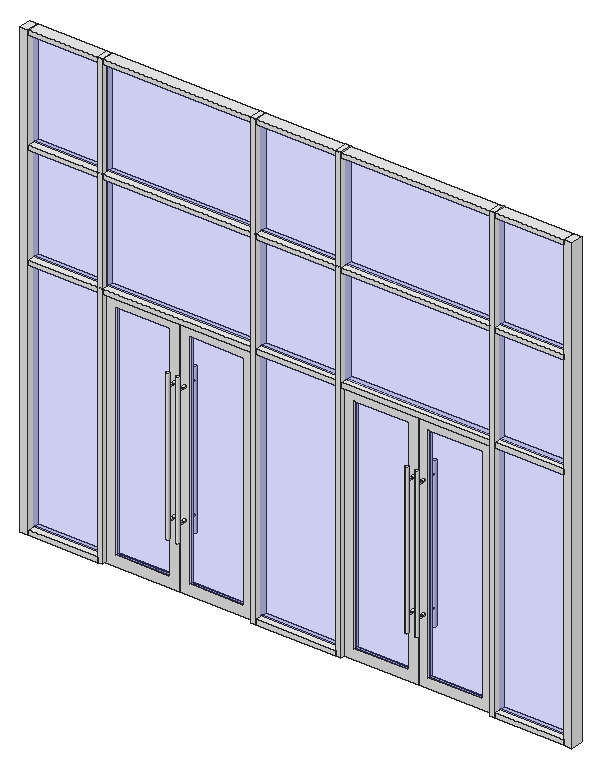
Revit family
Parameters (values of type "방풍실 문1")
  핸들 = 상자 핸들
  프레임 = ""
  2프레임 = 상자 프레임
  모서리 = 상자 모서리
  철물 = ""
  Assembly Code = ""
  유리/마감 = ""
  유리 = 상자 유리
  위치/개소 = ""
  부호 = "2/AD"
  문번호 = "2"
  문기호 = "AD"
Reference planes
  plane 1 "중심(앞/뒤)": y = -217
  plane 2: z = 0
  plane 3 "중심(왼쪽/오른쪽)": x = 96.47
  plane 4: y = 1386
  plane 5: z = 5500
  plane 6: y = -113.847
  plane 7: y = -320.153
  plane 8: x = 3446.47
  plane 9: x = -3253.53
  plane 10: z = 60
  plane 11: z = 2940
  plane 12: z = 3000
  plane 13: z = 4190
  plane 14: z = 4250
  plane 15: z = 5440
  plane 16: z = 2020
  plane 17: z = 1960
  plane 18: x = 3346.47
  plane 19: y = -292
  plane 20: y = -142
  plane 21: y = -229.5
  plane 22: y = -204.5
  plane 23: x = -3153.53
  plane 24: x = 2446.47
  plane 25: x = 646.47
  plane 26: x = -2253.53
  plane 27: x = -453.53
  plane 28: x = 3396.47
  plane 29: z = 980
  plane 30: z = 1040
  plane 31: x = -3203.53
  plane 32: z = 5470
  plane 33: z = 2970
  plane 34: x = -393.951
  plane 35: x = -1353.53
  plane 36: x = -1293.53
  plane 37: x = -1413.53
  plane 38: z = 5800
  plane 39: z = -300
Forms (mm)
  Extrusion 1, solid, material "상자 프레임" <- "2프레임"
    sketch origin (298.47, -1620.377, 0) x (0, -1, 0) y (1, 0, 0)
      loop
        line (-1478.377, 3048) -> (-1328.377, 3048) -> (-1328.377, 3148) -> (-1478.377, 3148) -> (-1478.377, 3048)
      loop
        line (-1478.377, 287.991) -> (-1328.377, 287.991) -> (-1328.377, 348) -> (-1478.377, 348) -> (-1478.377, 287.991)
      loop
        line (-1478.377, 2148) -> (-1328.377, 2148) -> (-1328.377, 2208) -> (-1478.377, 2208) -> (-1478.377, 2148)
    from 0 to 5500
  Extrusion 2, solid, material "상자 프레임" <- "2프레임"
    sketch origin (313.47, -1620.377, 0) x (0, -1, 0) y (1, 0, 0)
      loop
        line (-1478.377, 3033) -> (-1478.377, 2193) -> (-1328.377, 2193) -> (-1328.377, 3033) -> (-1478.377, 3033)
      loop
        line (-1478.377, -707.421) -> (-1328.377, -707.421) -> (-1328.377, 272.991) -> (-1478.377, 272.991) -> (-1478.377, -707.421)
    from 0 to 60
  Extrusion 3, solid, material "상자 프레임" <- "2프레임"
    sketch origin (313.47, -1620.377, 0) x (0, -1, 0) y (1, 0, 0)
      loop
        line (-1478.377, 3033) -> (-1478.377, -3467) -> (-1328.377, -3467) -> (-1328.377, 3033) -> (-1478.377, 3033)
    from 2940 to 3000
  Extrusion 4, solid, material "상자 프레임" <- "2프레임"
    sketch origin (313.47, -1620.377, 0) x (0, -1, 0) y (1, 0, 0)
      loop
        line (-1478.377, 3033) -> (-1478.377, -3467) -> (-1328.377, -3467) -> (-1328.377, 3033) -> (-1478.377, 3033)
    from 4190 to 4250
  Extrusion 5, solid, material "상자 유리" <- "유리"
    sketch origin (313.47, -1620.377, 0) x (0, -1, 0) y (1, 0, 0)
      loop
        line (-1415.877, 2193) -> (-1390.877, 2193) -> (-1390.877, 3033) -> (-1415.877, 3033) -> (-1415.877, 2193)
      loop
        line (-1415.877, -707.421) -> (-1390.877, -707.421) -> (-1390.877, 272.991) -> (-1415.877, 272.991) -> (-1415.877, -707.421)
    from 60 to 2940
  Extrusion 6, solid, material "상자 유리" <- "유리"
    sketch origin (-606.53, -1620.377, 0) x (0, -1, 0) y (1, 0, 0)
      loop
        line (-1415.877, 1253) -> (-1390.877, 1253) -> (-1390.877, 2153.145) -> (-1415.877, 2153.145) -> (-1415.877, 1253)
    from 0 to 2940
  Extrusion 7, solid, material "상자 유리" <- "유리"
    sketch origin (263.615, -1620.377, 0) x (0, -1, 0) y (1, 0, 0)
      loop
        line (-1415.877, 1283) -> (-1390.877, 1283) -> (-1390.877, 2183.145) -> (-1415.877, 2183.145) -> (-1415.877, 1283)
    from 0 to 2940
  Extrusion 8, solid, material "상자 유리" <- "유리"
    sketch origin (313.47, -1620.377, 0) x (0, -1, 0) y (1, 0, 0)
      loop
        line (-1415.877, 2193) -> (-1390.877, 2193) -> (-1390.877, 3033) -> (-1415.877, 3033) -> (-1415.877, 2193)
      loop
        line (-1415.877, 333) -> (-1390.877, 333) -> (-1390.877, 2133) -> (-1415.877, 2133) -> (-1415.877, 333)
      loop
        line (-1415.877, -707.421) -> (-1390.877, -707.421) -> (-1390.877, 272.991) -> (-1415.877, 272.991) -> (-1415.877, -707.421)
    from 3000 to 4190
  Extrusion 9, solid, material "상자 핸들" <- "핸들"
    sketch origin (4139.284, -292, 34.492) x (-1, 0, 0) y (0, 0, -1)
      loop
        circle (2527.69, -760.508) r 15
    from -47.5 to 0
  Extrusion 10, solid, material "상자 핸들" <- "핸들"
    sketch origin (4017.595, -292, 34.492) x (-1, 0, 0) y (0, 0, -1)
      loop
        circle (2527.69, -760.508) r 15
    from -47.5 to 0
  Sweep 11, solid, material "상자 모서리" <- "모서리"
    path origin (1768.47, -229.5, 0) x (1, 0, 0) y (0, 0, 1)
      loop
        line (-1122, 0) -> (-221.855, 0) -> (-221.855, 2940) -> (-1122, 2940) -> (-1122, 0)
    profile origin (646.47, -229.5, 1470) x (-1, 0, 0) y (0, -1, 0)
      loop
        line (0, 0) -> (0, 15) -> (-120, 15) -> (-120, 0) -> (0, 0)
  Sweep 12, solid, material "상자 모서리" <- "모서리"
    path origin (863.47, -189.5, 0) x (1, 0, 0) y (0, 0, 1)
      loop
        line (-217, 0) -> (683.145, 0) -> (683.145, 2940) -> (-217, 2940) -> (-217, 0)
    profile origin (646.47, -189.5, 1470) x (-1, 0, 0) y (0, -1, 0)
      loop
        line (0, 0) -> (0, 15) -> (-120, 15) -> (-120, 0) -> (0, 0)
  Sweep 13, solid, material "상자 모서리" <- "모서리"
    path origin (1763.615, -189.5, 0) x (1, 0, 0) y (0, 0, 1)
      loop
        line (-217, 0) -> (683.145, 0) -> (683.145, 2940) -> (-217, 2940) -> (-217, 0)
    profile origin (1546.615, -189.5, 1470) x (-1, 0, 0) y (0, -1, 0)
      loop
        line (0, 0) -> (0, 15) -> (-120, 15) -> (-120, 0) -> (0, 0)
  Sweep 14, solid, material "상자 모서리" <- "모서리"
    path origin (1763.615, -229.5, 0) x (1, 0, 0) y (0, 0, 1)
      loop
        line (-217, 0) -> (683.145, 0) -> (683.145, 2940) -> (-217, 2940) -> (-217, 0)
    profile origin (1546.615, -229.5, 1470) x (-1, 0, 0) y (0, -1, 0)
      loop
        line (0, 0) -> (0, 15) -> (-120, 15) -> (-120, 0) -> (0, 0)
  Blend 15, solid, material "상자 핸들" <- "핸들"
    base sketch origin (4045.905, -292, -1440) x (-1, 0, 0) y (0, 0, -1)
      loop
        circle (2556, -2235) r 15
    top sketch origin (4045.905, -292, -1440) x (-1, 0, 0) y (0, 0, -1)
      loop
        circle (2556, -2235) r 10
    from 0 to 40
  Blend 16, solid, material "상자 핸들" <- "핸들"
    base sketch origin (4167.595, -292, -1440) x (-1, 0, 0) y (0, 0, -1)
      loop
        circle (2556, -2235) r 15
    top sketch origin (4167.595, -292, -1440) x (-1, 0, 0) y (0, 0, -1)
      loop
        circle (2556, -2235) r 10
    from 0 to 40
  Extrusion 17, solid, material "상자 핸들" <- "핸들"
    sketch origin (5139.284, -142, 1474.492) x (-1, 0, 0) y (0, 0, 1)
      loop
        circle (3527.69, 780.508) r 15
    from -47.5 to 0
  Extrusion 18, solid, material "상자 핸들" <- "핸들"
    sketch origin (5017.595, -142, 1474.492) x (-1, 0, 0) y (0, 0, 1)
      loop
        circle (3527.69, 780.508) r 15
    from -47.5 to 0
  Blend 19, solid, material "상자 핸들" <- "핸들"
    base sketch origin (5167.595, -142, 0) x (-1, 0, 0) y (0, 0, 1)
      loop
        circle (3556, 2255) r 15
    top sketch origin (5167.595, -142, 0) x (-1, 0, 0) y (0, 0, 1)
      loop
        circle (3556, 2255) r 10
    from 0 to 40
  Blend 20, solid, material "상자 핸들" <- "핸들"
    base sketch origin (5045.905, -142, 0) x (-1, 0, 0) y (0, 0, 1)
      loop
        circle (3556, 2255) r 15
    top sketch origin (5045.905, -142, 0) x (-1, 0, 0) y (0, 0, 1)
      loop
        circle (3556, 2255) r 10
    from 0 to 40
  Extrusion 21, solid, material "상자 핸들" <- "핸들"
    sketch origin (5139.284, -142, 34.492) x (-1, 0, 0) y (0, 0, 1)
      loop
        circle (3527.69, 760.508) r 15
    from -47.5 to 0
  Extrusion 22, solid, material "상자 핸들" <- "핸들"
    sketch origin (5017.595, -142, 34.492) x (-1, 0, 0) y (0, 0, 1)
      loop
        circle (3527.69, 760.508) r 15
    from -47.5 to 0
  Blend 23, solid, material "상자 핸들" <- "핸들"
    base sketch origin (5045.905, -142, -1440) x (-1, 0, 0) y (0, 0, 1)
      loop
        circle (3556, 2235) r 15
    top sketch origin (5045.905, -142, -1440) x (-1, 0, 0) y (0, 0, 1)
      loop
        circle (3556, 2235) r 10
    from 0 to 40
  Blend 24, solid, material "상자 핸들" <- "핸들"
    base sketch origin (5167.595, -142, -1440) x (-1, 0, 0) y (0, 0, 1)
      loop
        circle (3556, 2235) r 15
    top sketch origin (5167.595, -142, -1440) x (-1, 0, 0) y (0, 0, 1)
      loop
        circle (3556, 2235) r 10
    from 0 to 40
  Extrusion 25, solid, material "상자 프레임" <- "2프레임"
    sketch origin (328.47, -1620.377, 0) x (0, -1, 0) y (1, 0, 0)
      loop
        line (-1478.377, -3482) -> (-1478.377, -3582) -> (-1328.377, -3582) -> (-1328.377, -3482) -> (-1478.377, -3482)
      loop
        line (-1478.377, -2582) -> (-1478.377, -2642) -> (-1328.377, -2642) -> (-1328.377, -2582) -> (-1478.377, -2582)
      loop
        line (-1478.377, -722.421) -> (-1478.377, -782) -> (-1328.377, -782) -> (-1328.377, -722.421) -> (-1478.377, -722.421)
    from 0 to 5500
  Extrusion 26, solid, material "상자 프레임" <- "2프레임"
    sketch origin (313.47, -1620.377, 0) x (0, -1, 0) y (1, 0, 0)
      loop
        line (-1478.377, -3467) -> (-1328.377, -3467) -> (-1328.377, -2627) -> (-1478.377, -2627) -> (-1478.377, -3467)
    from 0 to 60
  Extrusion 27, solid, material "상자 유리" <- "유리"
    sketch origin (313.47, -1620.377, 0) x (0, -1, 0) y (1, 0, 0)
      loop
        line (-1415.877, -2627) -> (-1415.877, -3467) -> (-1390.877, -3467) -> (-1390.877, -2627) -> (-1415.877, -2627)
    from 60 to 2940
  Extrusion 28, solid, material "상자 유리" <- "유리"
    sketch origin (833.765, -1620.377, 0) x (0, -1, 0) y (1, 0, 0)
      loop
        line (-1415.877, -1287) -> (-1415.877, -2187.295) -> (-1390.877, -2187.295) -> (-1390.877, -1287) -> (-1415.877, -1287)
    from 0 to 2940
  Extrusion 29, solid, material "상자 유리" <- "유리"
    sketch origin (-36.38, -1620.377, 0) x (0, -1, 0) y (1, 0, 0)
      loop
        line (-1415.877, -1317.15) -> (-1415.877, -2217.145) -> (-1390.877, -2217.145) -> (-1390.877, -1317.15) -> (-1415.877, -1317.15)
    from 0 to 2940
  Extrusion 30, solid, material "상자 유리" <- "유리"
    sketch origin (313.47, -1620.377, 0) x (0, -1, 0) y (1, 0, 0)
      loop
        line (-1415.877, -2627) -> (-1415.877, -3467) -> (-1390.877, -3467) -> (-1390.877, -2627) -> (-1415.877, -2627)
      loop
        line (-1415.877, -766.705) -> (-1415.877, -2566.995) -> (-1390.877, -2566.995) -> (-1390.877, -766.705) -> (-1415.877, -766.705)
    from 3000 to 4190
  Extrusion 31, solid, material "상자 핸들" <- "핸들"
    sketch origin (-5098.22, -292, -34.492) x (1, 0, 0) y (0, 0, 1)
      loop
        circle (3683.54, 829.492) r 15
    from -47.5 to 0
  Extrusion 32, solid, material "상자 핸들" <- "핸들"
    sketch origin (-5098.22, -292, -1474.492) x (1, 0, 0) y (0, 0, 1)
      loop
        circle (3683.54, 3729.492) r 15
    from -47.5 to 0
  Extrusion 33, solid, material "상자 핸들" <- "핸들"
    sketch origin (-4976.53, -292, -34.492) x (1, 0, 0) y (0, 0, 1)
      loop
        circle (3683.055, 829.492) r 15
    from -47.5 to 0
  Extrusion 34, solid, material "상자 핸들" <- "핸들"
    sketch origin (-4976.53, -292, -1474.492) x (1, 0, 0) y (0, 0, 1)
      loop
        circle (3683.055, 3729.492) r 15
    from -47.5 to 0
  Sweep 35, solid, material "상자 모서리" <- "모서리"
    path origin (-85.94, -229.5, 0) x (-1, 0, 0) y (0, 0, -1)
      loop
        line (367.295, 0) -> (367.295, -2940) -> (1267.59, -2940) -> (1267.59, 0) -> (367.295, 0)
    profile origin (-453.235, -229.5, 1470) x (-1, 0, 0) y (0, -1, 0)
      loop
        line (0, 0) -> (120, 0) -> (120, 15) -> (0, 15) -> (0, 0)
  Sweep 36, solid, material "상자 모서리" <- "모서리"
    path origin (-636.235, -189.5, 0) x (-1, 0, 0) y (0, 0, -1)
      loop
        line (-183, 0) -> (-183, -2940) -> (717.295, -2940) -> (717.295, 0) -> (-183, 0)
    profile origin (-453.235, -189.5, 1470) x (-1, 0, 0) y (0, -1, 0)
      loop
        line (0, 0) -> (120, 0) -> (120, 15) -> (0, 15) -> (0, 0)
  Sweep 37, solid, material "상자 모서리" <- "모서리"
    path origin (-1536.38, -189.5, 0) x (-1, 0, 0) y (0, 0, -1)
      loop
        line (-182.85, 0) -> (-182.85, -2940) -> (717.145, -2940) -> (717.145, 0) -> (-182.85, 0)
    profile origin (-1353.53, -189.5, 1470) x (-1, 0, 0) y (0, -1, 0)
      loop
        line (0, 0) -> (120, 0) -> (120, 15) -> (0, 15) -> (0, 0)
  Sweep 38, solid, material "상자 모서리" <- "모서리"
    path origin (-1536.38, -229.5, 0) x (-1, 0, 0) y (0, 0, -1)
      loop
        line (-182.85, 0) -> (-182.85, -2940) -> (717.145, -2940) -> (717.145, 0) -> (-182.85, 0)
    profile origin (-1353.53, -229.5, 1470) x (-1, 0, 0) y (0, -1, 0)
      loop
        line (0, 0) -> (120, 0) -> (120, 15) -> (0, 15) -> (0, 0)
  Blend 39, solid, material "상자 핸들" <- "핸들"
    base sketch origin (-5126.53, -292, 0) x (1, 0, 0) y (0, 0, 1)
      loop
        circle (3711.85, 2255) r 15
    top sketch origin (-5126.53, -292, 0) x (1, 0, 0) y (0, 0, 1)
      loop
        circle (3711.85, 2255) r 10
    from 0 to 40
  Blend 40, solid, material "상자 핸들" <- "핸들"
    base sketch origin (-5004.84, -292, 0) x (1, 0, 0) y (0, 0, 1)
      loop
        circle (3711.366, 2255) r 15
    top sketch origin (-5004.84, -292, 0) x (1, 0, 0) y (0, 0, 1)
      loop
        circle (3711.366, 2255) r 10
    from 0 to 40
  Blend 41, solid, material "상자 핸들" <- "핸들"
    base sketch origin (-5004.84, -292, 1440) x (1, 0, 0) y (0, 0, 1)
      loop
        circle (3711.366, -645) r 15
    top sketch origin (-5004.84, -292, 1440) x (1, 0, 0) y (0, 0, 1)
      loop
        circle (3711.366, -645) r 10
    from 0 to 40
  Blend 42, solid, material "상자 핸들" <- "핸들"
    base sketch origin (-5126.53, -292, 1440) x (1, 0, 0) y (0, 0, 1)
      loop
        circle (3711.85, -645) r 15
    top sketch origin (-5126.53, -292, 1440) x (1, 0, 0) y (0, 0, 1)
      loop
        circle (3711.85, -645) r 10
    from 0 to 40
  Extrusion 43, solid, material "상자 핸들" <- "핸들"
    sketch origin (-4698.22, -142, 1474.492) x (1, 0, 0) y (0, 0, -1)
      loop
        circle (3283.54, -780.508) r 15
    from -47.5 to 0
  Extrusion 44, solid, material "상자 핸들" <- "핸들"
    sketch origin (-4576.53, -142, 1474.492) x (1, 0, 0) y (0, 0, -1)
      loop
        circle (3283.055, -780.508) r 15
    from -47.5 to 0
  Blend 45, solid, material "상자 핸들" <- "핸들"
    base sketch origin (-4726.53, -142, 0) x (1, 0, 0) y (0, 0, -1)
      loop
        circle (3311.85, -2255) r 15
    top sketch origin (-4726.53, -142, 0) x (1, 0, 0) y (0, 0, -1)
      loop
        circle (3311.85, -2255) r 10
    from 0 to 40
  Blend 46, solid, material "상자 핸들" <- "핸들"
    base sketch origin (-4604.84, -142, 0) x (1, 0, 0) y (0, 0, -1)
      loop
        circle (3311.366, -2255) r 15
    top sketch origin (-4604.84, -142, 0) x (1, 0, 0) y (0, 0, -1)
      loop
        circle (3311.366, -2255) r 10
    from 0 to 40
  Extrusion 47, solid, material "상자 핸들" <- "핸들"
    sketch origin (-4698.22, -142, 34.492) x (1, 0, 0) y (0, 0, -1)
      loop
        circle (3283.54, -760.508) r 15
    from -47.5 to 0
  Extrusion 48, solid, material "상자 핸들" <- "핸들"
    sketch origin (-4576.53, -142, 34.492) x (1, 0, 0) y (0, 0, -1)
      loop
        circle (3283.055, -760.508) r 15
    from -47.5 to 0
  Blend 49, solid, material "상자 핸들" <- "핸들"
    base sketch origin (-4604.84, -142, -1440) x (1, 0, 0) y (0, 0, -1)
      loop
        circle (3311.366, -2235) r 15
    top sketch origin (-4604.84, -142, -1440) x (1, 0, 0) y (0, 0, -1)
      loop
        circle (3311.366, -2235) r 10
    from 0 to 40
  Blend 50, solid, material "상자 핸들" <- "핸들"
    base sketch origin (-4726.53, -142, -1440) x (1, 0, 0) y (0, 0, -1)
      loop
        circle (3311.85, -2235) r 15
    top sketch origin (-4726.53, -142, -1440) x (1, 0, 0) y (0, 0, -1)
      loop
        circle (3311.85, -2235) r 10
    from 0 to 40
  Extrusion 51, solid, material "상자 핸들" <- "핸들"
    sketch origin (5139.284, -292, 1474.492) x (-1, 0, 0) y (0, 0, -1)
      loop
        circle (3527.69, -780.508) r 15
    from -47.5 to 0
  Extrusion 52, solid, material "상자 핸들" <- "핸들"
    sketch origin (5017.595, -292, 1474.492) x (-1, 0, 0) y (0, 0, -1)
      loop
        circle (3527.69, -780.508) r 15
    from -47.5 to 0
  Blend 53, solid, material "상자 핸들" <- "핸들"
    base sketch origin (5167.595, -292, 0) x (-1, 0, 0) y (0, 0, -1)
      loop
        circle (3556, -2255) r 15
    top sketch origin (5167.595, -292, 0) x (-1, 0, 0) y (0, 0, -1)
      loop
        circle (3556, -2255) r 10
    from 0 to 40
  Blend 54, solid, material "상자 핸들" <- "핸들"
    base sketch origin (5045.905, -292, 0) x (-1, 0, 0) y (0, 0, -1)
      loop
        circle (3556, -2255) r 15
    top sketch origin (5045.905, -292, 0) x (-1, 0, 0) y (0, 0, -1)
      loop
        circle (3556, -2255) r 10
    from 0 to 40
  Extrusion 55, solid, material "상자 핸들" <- "핸들"
    sketch origin (313.47, -120.53, 0) x (0, -1, 0) y (1, 0, 0)
      loop
        circle (229.022, 1298.467) r 20
    from 600.009 to 2399.769
  Extrusion 56, solid, material "상자 핸들" <- "핸들"
    sketch origin (313.47, -313.47, 0) x (0, 1, 0) y (-1, 0, 0)
      loop
        circle (229.022, -1298.467) r 20
    from 600.009 to 2399.769
  Extrusion 57, solid, material "상자 핸들" <- "핸들"
    sketch origin (2788.51, -120.53, 0) x (0, -1, 0) y (1, 0, 0)
      loop
        circle (229.022, -1298.467) r 20
    from 600.009 to 2399.769
  Extrusion 58, solid, material "상자 핸들" <- "핸들"
    sketch origin (2788.51, -313.47, 0) x (0, 1, 0) y (-1, 0, 0)
      loop
        circle (229.022, 1298.467) r 20
    from 600.009 to 2399.769
  Extrusion 59, solid, material "상자 핸들" <- "핸들"
    sketch origin (-118.03, -120.53, 0) x (0, -1, 0) y (1, 0, 0)
      loop
        circle (229.022, -1298.467) r 20
    from 600.009 to 2399.769
  Extrusion 60, solid, material "상자 핸들" <- "핸들"
    sketch origin (-118.03, -313.47, 0) x (0, 1, 0) y (-1, 0, 0)
      loop
        circle (229.022, 1298.467) r 20
    from 600.009 to 2399.769
  Extrusion 61, solid, material "상자 핸들" <- "핸들"
    sketch origin (-2593.069, -120.53, 0) x (0, -1, 0) y (1, 0, 0)
      loop
        circle (229.022, 1298.467) r 20
    from 600.009 to 2399.769
  Extrusion 62, solid, material "상자 핸들" <- "핸들"
    sketch origin (-2593.069, -313.47, 0) x (0, 1, 0) y (-1, 0, 0)
      loop
        circle (229.022, -1298.467) r 20
    from 600.009 to 2399.769
  Extrusion 63, solid, material "상자 프레임" <- "2프레임"
    sketch origin (313.47, -1620.377, 1205) x (0, -1, 0) y (1, 0, 0)
      loop
        line (-1478.377, 3033) -> (-1478.377, -3467) -> (-1328.377, -3467) -> (-1328.377, 3033) -> (-1478.377, 3033)
    from 4235 to 4295
  Extrusion 64, solid, material "상자 유리" <- "유리"
    sketch origin (313.47, -1620.377, 1295) x (0, -1, 0) y (1, 0, 0)
      loop
        line (-1415.877, -2627) -> (-1415.877, -3467) -> (-1390.877, -3467) -> (-1390.877, -2627) -> (-1415.877, -2627)
      loop
        line (-1415.877, -766.705) -> (-1415.877, -2566.995) -> (-1390.877, -2566.995) -> (-1390.877, -766.705) -> (-1415.877, -766.705)
    from 2955 to 4145
  Extrusion 65, solid, material "상자 유리" <- "유리"
    sketch origin (313.47, -1620.377, 1295) x (0, -1, 0) y (1, 0, 0)
      loop
        line (-1415.877, 2193) -> (-1390.877, 2193) -> (-1390.877, 3033) -> (-1415.877, 3033) -> (-1415.877, 2193)
      loop
        line (-1415.877, 333) -> (-1390.877, 333) -> (-1390.877, 2133) -> (-1415.877, 2133) -> (-1415.877, 333)
      loop
        line (-1415.877, -707.421) -> (-1390.877, -707.421) -> (-1390.877, 272.991) -> (-1415.877, 272.991) -> (-1415.877, -707.421)
    from 2955 to 4145
Cuts and joins
  joined: Extrusion 10, Blend 15
  joined: Extrusion 1, Extrusion 25
Lines and regions (mm)
  symbolic lines
    curve 1: line (2446.76, -286.229, 0) -> (2446.76, 710.5, 0)
    curve 2: line (2391.76, -224.9, 0) -> (2391.76, 710.5, 0)
    curve 3: line (2446.76, 710.5, 0) -> (2391.76, 710.5, 0)
    curve 4: arc (2391.76, 710.5, 0) -> (1787.194, 431.401, 0) -> (1546.615, -189.5, 0) r 888.01
    curve 5: line (646.47, -189.5, 0) -> (646.47, 710.5, 0)
    curve 6: line (701.47, -189.5, 0) -> (701.47, 710.5, 0)
    curve 7: line (646.47, 710.5, 0) -> (701.47, 710.5, 0)
    curve 8: arc (701.47, 710.5, 0) -> (1306.036, 431.401, 0) -> (1546.615, -189.5, 0) r 888.01
    curve 9: line (2446.76, -286.229, 0) -> (2446.76, -1144.5, 0)
    curve 10: line (2391.76, -224.9, 0) -> (2391.76, -1144.5, 0)
    curve 11: line (2446.76, -1144.5, 0) -> (2391.76, -1144.5, 0)
    curve 12: arc (2391.76, -1144.5, 0) -> (1787.194, -865.401, 0) -> (1546.615, -244.5, 0) r 888.01
    curve 13: line (646.47, -244.5, 0) -> (646.47, -1144.5, 0)
    curve 14: line (701.47, -244.5, 0) -> (701.47, -1144.5, 0)
    curve 15: line (646.47, -1144.5, 0) -> (701.47, -1144.5, 0)
    curve 16: arc (701.47, -1144.5, 0) -> (1306.036, -865.401, 0) -> (1546.615, -244.5, 0) r 888.01
    curve 17: line (-2253.819, -189.5, 0) -> (-2253.819, 710.5, 0)
    curve 18: line (-2198.819, -189.5, 0) -> (-2198.819, 710.5, 0)
    curve 19: line (-2253.819, 710.5, 0) -> (-2198.819, 710.5, 0)
    curve 20: arc (-2198.819, 710.5, 0) -> (-1594.254, 431.401, 0) -> (-1353.675, -189.5, 0) r 888.01
    curve 21: line (-453.53, -189.5, 0) -> (-453.53, 710.5, 0)
    curve 22: line (-508.53, -189.5, 0) -> (-508.53, 710.5, 0)
    curve 23: line (-453.53, 710.5, 0) -> (-508.53, 710.5, 0)
    curve 24: arc (-508.53, 710.5, 0) -> (-1113.096, 431.401, 0) -> (-1353.675, -189.5, 0) r 888.01
    curve 25: line (-2253.819, -244.5, 0) -> (-2253.819, -1144.5, 0)
    curve 26: line (-2198.819, -244.5, 0) -> (-2198.819, -1144.5, 0)
    curve 27: line (-2253.819, -1144.5, 0) -> (-2198.819, -1144.5, 0)
    curve 28: arc (-2198.819, -1144.5, 0) -> (-1594.254, -865.401, 0) -> (-1353.675, -244.5, 0) r 888.01
    curve 29: line (-453.53, -244.5, 0) -> (-453.53, -1144.5, 0)
    curve 30: line (-508.53, -244.5, 0) -> (-508.53, -1144.5, 0)
    curve 31: line (-453.53, -1144.5, 0) -> (-508.53, -1144.5, 0)
    curve 32: arc (-508.53, -1144.5, 0) -> (-1113.096, -865.401, 0) -> (-1353.675, -244.5, 0) r 888.01
    curve 33: line (-1353.53, -142, 2940) -> (-2253.525, -142, 1470)
    curve 34: line (-2253.525, -142, 1470) -> (-1353.53, -142, 0)
    curve 35: line (-1353.53, -142, 0) -> (-453.53, -142, 1470.009)
    curve 36: line (-453.53, -142, 1470.009) -> (-1353.53, -142, 2940)
    curve 37: line (1546.615, -142, 2940) -> (646.62, -142, 1470)
    curve 38: line (646.62, -142, 1470) -> (1546.615, -142, 0)
    curve 39: line (1546.615, -142, 0) -> (2446.615, -142, 1470.009)
    curve 40: line (2446.615, -142, 1470.009) -> (1546.615, -142, 2940)
    curve 41: line (1546.615, -244.5, 0) -> (1546.615, -189.5, 0)
    curve 42: line (701.47, -189.5, 0) -> (701.47, -244.5, 0)
    curve 43: line (646.47, -244.5, 0) -> (646.47, -189.5, 0)
    curve 44: line (-453.53, -189.5, 0) -> (-453.53, -244.5, 0)
    curve 45: line (-508.53, -244.5, 0) -> (-508.53, -189.5, 0)
    curve 46: line (-1353.675, -244.5, 0) -> (-1353.675, -189.5, 0)
    curve 47: line (-2198.819, -244.5, 0) -> (-2198.819, -189.5, 0)
    curve 48: line (-2253.819, -244.5, 0) -> (-2253.819, -189.5, 0)
    curve 49: line (3746.47, 1386, 5500) -> (-3553.53, 1386, 5500)
    curve 50: line (-3248.53, 1386, 5495) -> (-3248.53, 1386, 5)
    curve 51: line (3451.47, 1386, 0) -> (3451.47, 1386, 5505)
    curve 52: line (3441.47, 1386, 5) -> (-3248.53, 1386, 5)
    curve 53: line (3451.47, 1386, 5505) -> (-3258.53, 1386, 5505)
    curve 54: line (3441.47, 1386, 5495) -> (-3248.53, 1386, 5495)
    curve 55: line (-3253.53, 1386, 5800) -> (-3253.53, 1386, -300)
    curve 56: line (-3258.53, 1386, 5505) -> (-3258.53, 1386, 0)
    curve 57: line (3746.47, 1386, 0) -> (-3553.53, 1386, 0)
    curve 58: line (3446.47, 1386, -300) -> (3446.47, 1386, 5800)
    curve 59: line (3441.47, 1386, 5) -> (3441.47, 1386, 5495)
Dimensions and locks
  plane 10 to plane 2 = 60 mm
  plane 11 to plane 2 = 2940 mm
  plane 12 to plane 2 = 3000 mm  (x2)
  plane 13 to plane 2 = 4190 mm
  plane 14 to plane 2 = 4250 mm
  plane 15 to plane 2 = 5440 mm
  plane 11 to plane 16 = 920 mm
  plane 17 to plane 30 = 920 mm
  plane 29 to plane 10 = 920 mm
  plane 33 to plane 32 = 2500 mm
  locked: plane 26 to plane 27 at 1800
  locked: plane 24 to plane 25 at 1800
  plane 27 to plane 25 = 1100 mm  (x2)
  plane 9 to plane 26 = 1000 mm
  locked: plane 9 to plane 23 at 100
  equal spacing: plane 9, plane 31, plane 23
  locked: plane 18 to plane 8 at 100
  equal spacing: plane 18, plane 28, plane 8
  plane 8 to plane 24 = 1000 mm
  locked: plane 27 to plane 34 at 59.579
  plane 37 to plane 35 to plane 36 = 60 mm locked, 60 mm locked
  locked: curve 57 to curve 52 at 5
  curve 51 to curve 58 to curve 59 = 5 mm locked, 5 mm locked
  curve 54 to curve 49 to curve 53 = 5 mm locked, 5 mm locked
  curve 50 to curve 55 to curve 56 = 5 mm locked, 5 mm locked
  locked: cut or joined group of Extrusion 1, Extrusion 25 to curve 57 at 300
  locked: curve 55 to curve 49 at 300
  locked: curve 49 to curve 58 at 300
  locked: curve 57 to curve 58 at 300
  curve 57 to plane 12 = 3000 mm
  plane 13 to plane 14 = 60 mm
  Extrusion 55 to Extrusion 55 to level = 1799.761 mm, 600.009 mm
  plane 5 to plane 2 = 5500 mm
  locked: cut or joined group of Extrusion 1, Extrusion 25 to plane 25 at 60.009
  plane 14 to plane 12 = 1250 mm
  plane 5 to plane 14 = 1250 mm
  cut or joined group of Extrusion 1, Extrusion 25 to cut or joined group of Extrusion 1, Extrusion 25 = 100 mm  (x2)
  plane 9 to plane 8 = 6700 mm
  aligned and locked: Extrusion 1 to plane 19
  aligned and locked: Extrusion 1 to plane 18
  aligned and locked: Extrusion 25 to Extrusion 26
  aligned and locked: Extrusion 27 to Extrusion 30
  aligned and locked: Extrusion 3 to Extrusion 4
  aligned and locked: Sweep 36 to plane 35
  aligned and locked: Sweep 38 to plane 35
  aligned and locked: Sweep 35 to plane 35
  aligned and locked: Extrusion 29 to plane 35
  aligned and locked: plane 35 to Extrusion 28
  aligned and locked: Sweep 37 to plane 35  (x2)
  aligned and locked: Extrusion 30 to plane 13
  aligned and locked: Extrusion 8 to plane 13
  aligned and locked: plane 5 to curve 49
  aligned and locked: cut or joined group of Extrusion 1, Extrusion 25 to plane 8
  aligned and locked: plane 8 to curve 58
  aligned and locked: cut or joined group of Extrusion 1, Extrusion 25 to plane 9
  aligned and locked: curve 55 to plane 9
  aligned and locked: Extrusion 1 to plane 5
  aligned and locked: Extrusion 64 to plane 15
  aligned and locked: Extrusion 65 to plane 15
  aligned and locked: Extrusion 5 to cut or joined group of Extrusion 1, Extrusion 25
  aligned and locked: Extrusion 65 to cut or joined group of Extrusion 1, Extrusion 25
  aligned and locked: Extrusion 8 to cut or joined group of Extrusion 1, Extrusion 25
  aligned and locked: Extrusion 5 to Extrusion 2
  aligned and locked: Extrusion 2 to plane 18
  aligned and locked: Extrusion 2 to Extrusion 5
  aligned and locked: plane 23 to Extrusion 26
  aligned and locked: Extrusion 4 to Extrusion 30
  aligned and locked: Extrusion 4 to plane 14
  aligned and locked: Extrusion 64 to Extrusion 4
  aligned and locked: Extrusion 65 to Extrusion 4
  aligned and locked: Extrusion 8 to Extrusion 4
  aligned and locked: Extrusion 5 to Extrusion 3
  aligned and locked: Extrusion 63 to cut or joined group of Extrusion 1, Extrusion 25
Automatic sketch dimensions
  curve 44 to plane 27 = 0 mm
  curve 5 to plane 25 = 0 mm
  plane 27 to curve 24 = 12.231 mm
  plane 27 to curve 32 = 12.231 mm
  curve 45 to plane 22 = 15 mm
  curve 45 to curve 24 = 42.769 mm
  curve 24 to plane 35 = 0.145 mm
  curve 28 to plane 26 = 54.71 mm
  curve 20 to plane 26 = 11.941 mm
  curve 28 to plane 26 = 11.941 mm
  plane 26 to curve 27 = 0.29 mm
  curve 16 to plane 25 = 12.231 mm
  curve 8 to plane 25 = 12.231 mm
  curve 14 to plane 25 = 55 mm
  curve 4 to plane 22 = 15 mm
  curve 6 to curve 4 = 845.145 mm
  curve 10 to plane 24 = 54.71 mm
  curve 4 to plane 24 = 11.941 mm
  curve 12 to plane 24 = 11.941 mm
  plane 24 to curve 3 = 0.29 mm
  curve 5 to plane 22 = 15 mm
  curve 2 to plane 21 = 4.6 mm
  plane 21 to curve 45 = 15 mm
  plane 21 to curve 28 = 15 mm
  plane 21 to curve 41 = 15 mm
  plane 21 to curve 29 = 15 mm
  plane 21 to curve 25 = 15 mm
  plane 21 to curve 26 = 15 mm
  plane 21 to curve 42 = 15 mm
  plane 21 to curve 43 = 15 mm
  curve 28 to curve 25 = 13.021 mm
  plane 21 to curve 12 = 28.021 mm
  curve 32 to curve 44 = 13.021 mm
  curve 16 to curve 13 = 13.021 mm
  curve 9 to plane 19 = 5.771 mm
  curve 18 to plane 22 = 15 mm
  curve 21 to plane 22 = 15 mm
  curve 24 to plane 22 = 15 mm
  curve 17 to plane 22 = 15 mm
  curve 6 to plane 22 = 15 mm
  curve 21 to curve 24 = 13.021 mm
  curve 5 to curve 8 = 13.021 mm
  curve 4 to plane 22 = 28.021 mm
  curve 48 to curve 20 = 13.021 mm
  Extrusion 1 sketch curve to plane 18 = 0 mm
  Extrusion 1 sketch curve to plane 20 = 0 mm  (x3)
  Extrusion 1 sketch curve to plane 19 = 0 mm  (x3)
  Extrusion 1 sketch curve to plane 8 = 0 mm
  Extrusion 1 sketch curve to plane 25 = 0 mm
  Extrusion 1 sketch curve to plane 24 = 0 mm
  Extrusion 1 sketch curve to Extrusion 1 sketch curve = 60.009 mm
  Extrusion 1 sketch curve to Extrusion 1 sketch curve = 60 mm
  Extrusion 2 sketch curve to plane 20 = 0 mm  (x2)
  Extrusion 2 sketch curve to plane 19 = 0 mm  (x2)
  Extrusion 2 sketch curve to plane 34 = 0 mm
  plane 25 to Extrusion 2 sketch curve = 60.009 mm
  plane 24 to Extrusion 2 sketch curve = 60 mm
  plane 8 to Extrusion 2 sketch curve = 100 mm
  Extrusion 3 sketch curve to plane 20 = 0 mm
  Extrusion 3 sketch curve to plane 19 = 0 mm
  Extrusion 3 sketch curve to plane 23 = 0 mm
  plane 8 to Extrusion 3 sketch curve = 100 mm
  Extrusion 4 sketch curve to plane 20 = 0 mm
  Extrusion 4 sketch curve to plane 19 = 0 mm
  Extrusion 4 sketch curve to plane 23 = 0 mm
  plane 8 to Extrusion 4 sketch curve = 100 mm
  Extrusion 5 sketch curve to plane 22 = 0 mm  (x2)
  Extrusion 5 sketch curve to plane 21 = 0 mm  (x2)
  Extrusion 5 sketch curve to plane 34 = 0 mm
  Extrusion 5 sketch curve to plane 18 = 0 mm
  plane 25 to Extrusion 5 sketch curve = 60.009 mm
  plane 24 to Extrusion 5 sketch curve = 60 mm
  Extrusion 6 sketch curve to plane 22 = 0 mm
  Extrusion 6 sketch curve to plane 21 = 0 mm
  Extrusion 6 sketch curve to plane 25 = 0 mm
  Extrusion 6 sketch curve to plane 24 = 899.855 mm
  Extrusion 7 sketch curve to plane 22 = 0 mm
  Extrusion 7 sketch curve to plane 21 = 0 mm
  Extrusion 7 sketch curve to plane 24 = 899.855 mm
  plane 24 to Extrusion 7 sketch curve = 0.29 mm
  Extrusion 8 sketch curve to plane 22 = 0 mm  (x3)
  Extrusion 8 sketch curve to plane 21 = 0 mm  (x3)
  Extrusion 8 sketch curve to plane 18 = 0 mm
  Extrusion 8 sketch curve to plane 34 = 0 mm
  Extrusion 8 sketch curve to plane 25 = 0 mm
  Extrusion 8 sketch curve to plane 24 = 0 mm
  Extrusion 8 sketch curve to Extrusion 8 sketch curve = 60.009 mm
  Extrusion 8 sketch curve to Extrusion 8 sketch curve = 60 mm
  Extrusion 9 sketch curve to plane 29 = 185 mm
  Extrusion 9 sketch curve to plane 24 = 834.875 mm
  Extrusion 10 sketch curve to plane 29 = 185 mm
  Extrusion 10 sketch curve to plane 25 = 843.435 mm
  Sweep 11 sketch curve to plane 11 = 0 mm
  Sweep 11 sketch curve to plane 25 = 0 mm
  Sweep 11 sketch curve to level = 0 mm
  Sweep 11 sketch curve to plane 24 = 899.855 mm
  Sweep 11 sketch curve to profile plane = 0 mm  (x2)
  profile plane to Sweep 11 sketch curve = 15 mm
  Sweep 11 sketch curve to Sweep 11 sketch curve = 120 mm
  Sweep 12 sketch curve to plane 11 = 0 mm
  Sweep 12 sketch curve to plane 25 = 0 mm
  Sweep 12 sketch curve to level = 0 mm
  Sweep 12 sketch curve to plane 24 = 899.855 mm
  Sweep 12 sketch curve to profile plane = 0 mm  (x2)
  profile plane to Sweep 12 sketch curve = 15 mm
  Sweep 12 sketch curve to Sweep 12 sketch curve = 120 mm
  Sweep 13 sketch curve to plane 11 = 0 mm
  Sweep 13 sketch curve to level = 0 mm
  Sweep 13 sketch curve to plane 24 = 899.855 mm
  plane 24 to Sweep 13 sketch curve = 0.29 mm
  Sweep 13 sketch curve to profile plane = 0 mm  (x2)
  profile plane to Sweep 13 sketch curve = 15 mm
  Sweep 13 sketch curve to Sweep 13 sketch curve = 120 mm
  Sweep 14 sketch curve to plane 11 = 0 mm
  Sweep 14 sketch curve to level = 0 mm
  Sweep 14 sketch curve to plane 24 = 899.855 mm
  plane 24 to Sweep 14 sketch curve = 0.29 mm
  Sweep 14 sketch curve to profile plane = 0 mm  (x2)
  profile plane to Sweep 14 sketch curve = 15 mm
  Sweep 14 sketch curve to Sweep 14 sketch curve = 120 mm
  Blend 15 sketch curve to plane 29 = 185 mm  (x2)
  Blend 15 sketch curve to plane 25 = 843.435 mm  (x2)
  Blend 16 sketch curve to plane 29 = 185 mm  (x2)
  Blend 16 sketch curve to plane 24 = 834.875 mm  (x2)
  plane 16 to Extrusion 17 sketch curve = 235 mm
  Extrusion 17 sketch curve to plane 24 = 834.875 mm
  plane 16 to Extrusion 18 sketch curve = 235 mm
  Extrusion 18 sketch curve to plane 25 = 843.435 mm
  plane 16 to Blend 19 sketch curve = 235 mm  (x2)
  Blend 19 sketch curve to plane 24 = 834.875 mm  (x2)
  plane 16 to Blend 20 sketch curve = 235 mm  (x2)
  Blend 20 sketch curve to plane 25 = 843.435 mm  (x2)
  Extrusion 21 sketch curve to plane 29 = 185 mm
  Extrusion 21 sketch curve to plane 24 = 834.875 mm
  Extrusion 22 sketch curve to plane 29 = 185 mm
  Extrusion 22 sketch curve to plane 25 = 843.435 mm
  Blend 23 sketch curve to plane 29 = 185 mm  (x2)
  Blend 23 sketch curve to plane 25 = 843.435 mm  (x2)
  Blend 24 sketch curve to plane 29 = 185 mm  (x2)
  Blend 24 sketch curve to plane 24 = 834.875 mm  (x2)
  Extrusion 25 sketch curve to plane 20 = 0 mm  (x3)
  Extrusion 25 sketch curve to plane 19 = 0 mm  (x3)
  Extrusion 25 sketch curve to plane 9 = 0 mm
  Extrusion 25 sketch curve to plane 34 = 0 mm
  Extrusion 25 sketch curve to plane 27 = 0 mm
  Extrusion 25 sketch curve to plane 26 = 0 mm
  Extrusion 25 sketch curve to plane 23 = 0 mm
  Extrusion 25 sketch curve to Extrusion 25 sketch curve = 60 mm
  Extrusion 26 sketch curve to plane 20 = 0 mm
  Extrusion 26 sketch curve to plane 19 = 0 mm
  Extrusion 26 sketch curve to plane 26 = 60 mm
  plane 9 to Extrusion 26 sketch curve = 100 mm
  Extrusion 27 sketch curve to plane 22 = 0 mm
  Extrusion 27 sketch curve to plane 21 = 0 mm
  Extrusion 27 sketch curve to plane 23 = 0 mm
  Extrusion 27 sketch curve to plane 26 = 60 mm
  Extrusion 28 sketch curve to plane 22 = 0 mm
  Extrusion 28 sketch curve to plane 21 = 0 mm
  Extrusion 28 sketch curve to plane 35 = 0 mm
  plane 27 to Extrusion 28 sketch curve = 0.295 mm
  Extrusion 29 sketch curve to plane 22 = 0 mm
  Extrusion 29 sketch curve to plane 21 = 0 mm
  Extrusion 29 sketch curve to plane 35 = 0 mm
  plane 26 to Extrusion 29 sketch curve = 0.005 mm
  Extrusion 30 sketch curve to plane 22 = 0 mm  (x2)
  Extrusion 30 sketch curve to plane 21 = 0 mm  (x2)
  Extrusion 30 sketch curve to plane 23 = 0 mm
  Extrusion 30 sketch curve to plane 26 = 60 mm
  plane 26 to Extrusion 30 sketch curve = 0.005 mm
  plane 27 to Extrusion 30 sketch curve = 0.295 mm
  plane 37 to Extrusion 31 sketch curve = 1.15 mm
  Extrusion 31 sketch curve to plane 29 = 185 mm
  plane 37 to Extrusion 32 sketch curve = 1.15 mm
  plane 16 to Extrusion 32 sketch curve = 235 mm
  Extrusion 33 sketch curve to plane 36 = 0.055 mm
  Extrusion 33 sketch curve to plane 29 = 185 mm
  Extrusion 34 sketch curve to plane 36 = 0.055 mm
  plane 16 to Extrusion 34 sketch curve = 235 mm
  Sweep 35 sketch curve to plane 11 = 0 mm
  Sweep 35 sketch curve to level = 0 mm
  Sweep 35 sketch curve to plane 35 = 0 mm
  Sweep 35 sketch curve to plane 27 = 0.295 mm
  Sweep 35 sketch curve to profile plane = 0 mm  (x2)
  Sweep 35 sketch curve to Sweep 35 sketch curve = 120 mm
  Sweep 35 sketch curve to Sweep 35 sketch curve = 15 mm
  Sweep 36 sketch curve to plane 11 = 0 mm
  Sweep 36 sketch curve to level = 0 mm
  Sweep 36 sketch curve to plane 35 = 0 mm
  Sweep 36 sketch curve to plane 27 = 0.295 mm
  Sweep 36 sketch curve to profile plane = 0 mm  (x2)
  Sweep 36 sketch curve to Sweep 36 sketch curve = 120 mm
  profile plane to Sweep 36 sketch curve = 15 mm
  Sweep 37 sketch curve to plane 11 = 0 mm
  Sweep 37 sketch curve to plane 35 = 0 mm
  Sweep 37 sketch curve to level = 0 mm
  Sweep 37 sketch curve to plane 26 = 0.005 mm
  Sweep 37 sketch curve to profile plane = 0 mm  (x2)
  Sweep 37 sketch curve to Sweep 37 sketch curve = 120 mm
  Sweep 37 sketch curve to Sweep 37 sketch curve = 15 mm
  Sweep 38 sketch curve to plane 11 = 0 mm
  Sweep 38 sketch curve to plane 35 = 0 mm
  Sweep 38 sketch curve to level = 0 mm
  Sweep 38 sketch curve to plane 26 = 0.005 mm
  Sweep 38 sketch curve to profile plane = 0 mm  (x2)
  Sweep 38 sketch curve to Sweep 38 sketch curve = 120 mm
  profile plane to Sweep 38 sketch curve = 15 mm
  plane 37 to Blend 39 sketch curve = 1.15 mm  (x2)
  plane 16 to Blend 39 sketch curve = 235 mm  (x2)
  Blend 40 sketch curve to plane 36 = 0.055 mm  (x2)
  plane 16 to Blend 40 sketch curve = 235 mm  (x2)
  Blend 41 sketch curve to plane 36 = 0.055 mm  (x2)
  Blend 41 sketch curve to plane 29 = 185 mm  (x2)
  plane 37 to Blend 42 sketch curve = 1.15 mm  (x2)
  Blend 42 sketch curve to plane 29 = 185 mm  (x2)
  plane 37 to Extrusion 43 sketch curve = 1.15 mm
  plane 16 to Extrusion 43 sketch curve = 235 mm
  Extrusion 44 sketch curve to plane 36 = 0.055 mm
  plane 16 to Extrusion 44 sketch curve = 235 mm
  plane 37 to Blend 45 sketch curve = 1.15 mm  (x2)
  plane 16 to Blend 45 sketch curve = 235 mm  (x2)
  Blend 46 sketch curve to plane 36 = 0.055 mm  (x2)
  plane 16 to Blend 46 sketch curve = 235 mm  (x2)
  plane 37 to Extrusion 47 sketch curve = 1.15 mm
  Extrusion 47 sketch curve to plane 29 = 185 mm
  Extrusion 48 sketch curve to plane 36 = 0.055 mm
  Extrusion 48 sketch curve to plane 29 = 185 mm
  Blend 49 sketch curve to plane 36 = 0.055 mm  (x2)
  Blend 49 sketch curve to plane 29 = 185 mm  (x2)
  plane 37 to Blend 50 sketch curve = 1.15 mm  (x2)
  Blend 50 sketch curve to plane 29 = 185 mm  (x2)
  curve 34 to level = 0 mm
  curve 34 to plane 35 = 0 mm
  curve 36 to plane 11 = 0 mm
  curve 36 to plane 35 = 0 mm
  curve 36 to plane 27 = 0 mm
  curve 37 to plane 11 = 0 mm
  curve 38 to level = 0 mm
  curve 34 to plane 26 = 0.005 mm
  curve 37 to plane 25 = 0.15 mm
  curve 37 to plane 24 = 899.855 mm
  curve 38 to plane 24 = 899.855 mm
  plane 24 to curve 40 = 0.145 mm
  curve 38 to plane 30 = 430 mm
  curve 34 to plane 30 = 430 mm
  curve 36 to plane 30 = 430.009 mm
  curve 39 to plane 30 = 430.009 mm
  plane 16 to Extrusion 51 sketch curve = 235 mm
  Extrusion 51 sketch curve to plane 24 = 834.875 mm
  plane 16 to Extrusion 52 sketch curve = 235 mm
  Extrusion 52 sketch curve to plane 25 = 843.435 mm
  plane 16 to Blend 53 sketch curve = 235 mm  (x2)
  Blend 53 sketch curve to plane 24 = 834.875 mm  (x2)
  plane 16 to Blend 54 sketch curve = 235 mm  (x2)
  Blend 54 sketch curve to plane 25 = 843.435 mm  (x2)
  curve 55 to plane 38 = 0 mm
  curve 58 to plane 38 = 0 mm
  curve 55 to plane 39 = 0 mm
  curve 58 to plane 39 = 0 mm
  plane 7 to Extrusion 55 sketch curve = 29.399 mm
  Extrusion 55 sketch curve to plane 24 = 834.533 mm
  plane 6 to Extrusion 56 sketch curve = 29.399 mm
  plane 24 to Extrusion 56 sketch curve = 834.533 mm
  Extrusion 57 sketch curve to plane 7 = 29.399 mm
  plane 25 to Extrusion 57 sketch curve = 843.573 mm
  Extrusion 58 sketch curve to plane 6 = 29.399 mm
  Extrusion 58 sketch curve to plane 25 = 843.573 mm
  Extrusion 59 sketch curve to plane 37 = 2.967 mm
  Extrusion 59 sketch curve to plane 7 = 29.399 mm
  plane 37 to Extrusion 60 sketch curve = 2.967 mm
  Extrusion 60 sketch curve to plane 6 = 29.399 mm
  plane 36 to Extrusion 61 sketch curve = 1.073 mm
  plane 7 to Extrusion 61 sketch curve = 29.399 mm
  Extrusion 62 sketch curve to plane 36 = 1.073 mm
  plane 6 to Extrusion 62 sketch curve = 29.399 mm
  Extrusion 63 sketch curve to plane 20 = 0 mm
  Extrusion 63 sketch curve to plane 19 = 0 mm
  Extrusion 63 sketch curve to plane 23 = 0 mm
  plane 8 to Extrusion 63 sketch curve = 100 mm
  Extrusion 64 sketch curve to plane 22 = 0 mm  (x2)
  Extrusion 64 sketch curve to plane 21 = 0 mm  (x2)
  Extrusion 64 sketch curve to plane 23 = 0 mm
  plane 26 to Extrusion 64 sketch curve = 60 mm
  Extrusion 64 sketch curve to plane 26 = 0.005 mm
  Extrusion 64 sketch curve to plane 27 = 0.295 mm
  Extrusion 65 sketch curve to plane 22 = 0 mm  (x3)
  Extrusion 65 sketch curve to plane 21 = 0 mm  (x3)
  Extrusion 65 sketch curve to plane 18 = 0 mm
  Extrusion 65 sketch curve to plane 34 = 0 mm
  Extrusion 65 sketch curve to plane 25 = 0 mm
  Extrusion 65 sketch curve to plane 24 = 0 mm
  Extrusion 65 sketch curve to Extrusion 65 sketch curve = 60.009 mm
  Extrusion 65 sketch curve to Extrusion 65 sketch curve = 60 mm
  curve 57 to level = 0 mm
  radius of Extrusion 9 sketch curve = 15 mm
  radius of Extrusion 10 sketch curve = 15 mm
  radius of Blend 15 sketch curve = 15 mm
  radius of Blend 15 sketch curve = 10 mm
  radius of Blend 16 sketch curve = 15 mm
  radius of Blend 16 sketch curve = 10 mm
  radius of Extrusion 17 sketch curve = 15 mm
  radius of Extrusion 18 sketch curve = 15 mm
  radius of Blend 19 sketch curve = 15 mm
  radius of Blend 19 sketch curve = 10 mm
  radius of Blend 20 sketch curve = 15 mm
  radius of Blend 20 sketch curve = 10 mm
  radius of Extrusion 21 sketch curve = 15 mm
  radius of Extrusion 22 sketch curve = 15 mm
  radius of Blend 23 sketch curve = 15 mm
  radius of Blend 23 sketch curve = 10 mm
  radius of Blend 24 sketch curve = 15 mm
  radius of Blend 24 sketch curve = 10 mm
  radius of Extrusion 31 sketch curve = 15 mm
  radius of Extrusion 32 sketch curve = 15 mm
  radius of Extrusion 33 sketch curve = 15 mm
  radius of Extrusion 34 sketch curve = 15 mm
  radius of Blend 39 sketch curve = 15 mm
  radius of Blend 39 sketch curve = 10 mm
  radius of Blend 40 sketch curve = 15 mm
  radius of Blend 40 sketch curve = 10 mm
  radius of Blend 41 sketch curve = 15 mm
  radius of Blend 41 sketch curve = 10 mm
  radius of Blend 42 sketch curve = 15 mm
  radius of Blend 42 sketch curve = 10 mm
  radius of Extrusion 43 sketch curve = 15 mm
  radius of Extrusion 44 sketch curve = 15 mm
  radius of Blend 45 sketch curve = 15 mm
  radius of Blend 45 sketch curve = 10 mm
  radius of Blend 46 sketch curve = 15 mm
  radius of Blend 46 sketch curve = 10 mm
  radius of Extrusion 47 sketch curve = 15 mm
  radius of Extrusion 48 sketch curve = 15 mm
  radius of Blend 49 sketch curve = 15 mm
  radius of Blend 49 sketch curve = 10 mm
  radius of Blend 50 sketch curve = 15 mm
  radius of Blend 50 sketch curve = 10 mm
  radius of Extrusion 51 sketch curve = 15 mm
  radius of Extrusion 52 sketch curve = 15 mm
  radius of Blend 53 sketch curve = 15 mm
  radius of Blend 53 sketch curve = 10 mm
  radius of Blend 54 sketch curve = 15 mm
  radius of Blend 54 sketch curve = 10 mm
  radius of Extrusion 55 sketch curve = 20 mm
  radius of Extrusion 56 sketch curve = 20 mm
  radius of Extrusion 57 sketch curve = 20 mm
  radius of Extrusion 58 sketch curve = 20 mm
  radius of Extrusion 59 sketch curve = 20 mm
  radius of Extrusion 60 sketch curve = 20 mm
  radius of Extrusion 61 sketch curve = 20 mm
  radius of Extrusion 62 sketch curve = 20 mm
